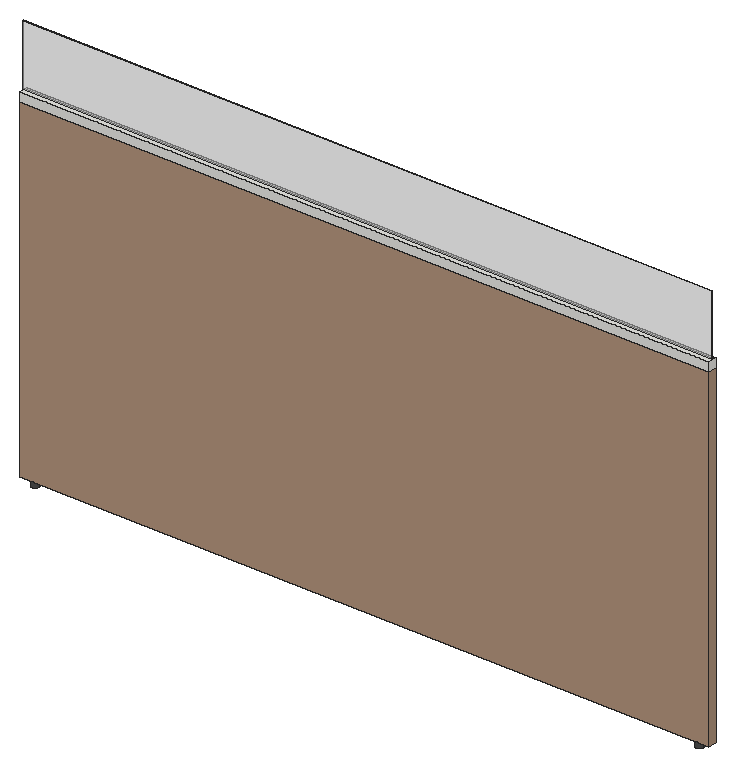
Revit family "Columns_&_Screens-Teknion-RPSLG_One_Inch_Floor_Screen_With_Glass_Lateral_Connection-R2019", category Furniture, Revit 2019
Family settings
  OmniClass Number = 23.40.20.00
  OmniClass Title = General Furniture and Specialties
  Work Plane-Based = No
  Always vertical = Yes
  Cut with Voids When Loaded = No
  Shared = Yes
  Room Calculation Point = No
Parameters (values of type "51" Height, Shared Configuration")
  Width [instance] = 85.000"
  Warranty = "http://www.teknion.com/ca/papers/legal-canada"
  Unit Weight URL = "http://www.teknion.com/ca/tools/assets#&asset=bee6a381-b954-425e-8283-5a2de3a804f2,f828d448-4b62-4231-9e5f-9a8991c0ed77"
  URL = "www.teknion.com"
  To render please download texture images found here [instance] = "https://assets.teknion.com/web/5e81352c1dfdb467/revit-material-swatches/"
  Sustainability Data = "https://www.teknion.com/ca/tools/assets#&topic=216f99a5-57a0-44fc-b10a-9dee9b29ae4c&asset=444deb64-fe58-4b68-981e-f75e97781df7,b4ff2d81-9f2e-437d-9659-7cffb09c31cf"
  Series = "Expansion Desking"  # constant formula
  Screen Finish [instance] = Source Laminate - Teknion - 3M - Provincial Oak
  Shared Configuration = yes
  Right Configuration = no
  Product Page URL = "https://www.teknion.com/ca/products/product-details?productLineId=ef4d336e-8e7a-673b-a6c8-ff00004460c4"
  Product Line = "Expansion Desking"  # constant formula
  Product Documentation Link = "https://www.teknion.com/pricing/expansion-desking/pdfs/RPSLG_ppg.pdf"
  Part Number = "RPSLG"  # constant formula
  Model = "RPSLG51____S"
  Manufacturer Phone = "416-661-3370"  # constant formula
  Manufacturer Fax = "416.661.4586"  # constant formula
  Manufacturer Contact Information = "http://www.teknion.com/ca/contactus"
  Manufacturer Address = "1150 Flint Road, Toronto, ON. M3J 2J5. Canada"  # constant formula
  Manufacturer = "Teknion"  # constant formula
  Left Configuration = no
  Insertion Point Offset [instance] = if(Left Configuration, if(or(Width = 20.000", Width = 24.000", Width = 30.000", Width = 36.000", Width = 40.000", Width = 42.000", Width = 48.000", Width = 54.000", Width = 57.000", Width = 60.000", Width = 63.000", Width = 66.000", Width = 69.000", Width = 72.000", Width = 78.000", Width = 84.000"), Width, Width - 1.000"), if(Right Configuration, if(or(Width = 20.000", Width = 24.000", Width = 30.000", Width = 36.000", Width = 40.000", Width = 42.000", Width = 48.000", Width = 54.000", Width = 57.000", Width = 60.000", Width = 63.000", Width = 66.000", Width = 69.000", Width = 72.000", Width = 78.000", Width = 84.000"), 0.000", 1.000"), if(or(Width = 20.000", Width = 24.000", Width = 30.000", Width = 36.000", Width = 40.000", Width = 42.000", Width = 48.000", Width = 54.000", Width = 57.000", Width = 60.000", Width = 63.000", Width = 66.000", Width = 69.000", Width = 72.000", Width = 78.000", Width = 84.000"), Width / 2, (Width / 2) - 0.500")))  # 42.000"
  How To Use Teknion Materials User Guide [instance] = "https://assets.teknion.com/m/205dd0a49fa58060/original/How-to-add-a-Material-Library-and-Texture-Images-to-your-Revit-project.pdf"
  Height = 50.831"
  Glass Height [instance] = 9.000"
  Glass Finish [instance] = Glass - Teknion - FT - Frosted Glass
  Frame Finish [instance] = Paint-Teknion-20-T-Foundation-Atrium White
  For Additional Finishes please visit [instance] = "https://assets.teknion.com/m/44a8009b046e5d47/original/Teknion_Materials_Library.zip"
  Extra Center Connection Node [instance] = and(Connection Node Visibility, Shared Configuration, or(Width = 21.000", Width = 25.000", Width = 31.000", Width = 37.000", Width = 41.000", Width = 43.000", Width = 49.000", Width = 55.000", Width = 58.000", Width = 61.000", Width = 64.000", Width = 67.000", Width = 70.000", Width = 73.000", Width = 79.000", Width = 85.000"))  # yes
  Description = "1\" Floor Screen with Glass Lateral Connection, 51\" Height, Shared Configuration"
  Connection Node Visibility [instance] = yes
  Available Widths [instance] = if(or(Left Configuration, Right Configuration), "20\", 21\", 24\", 25\", 30\", 31\", 36\", 37\", 42\", 43\", 48\", 49\", 54\", 55\", 57\", 58\", 60\", 61\", 63\", 64\", 66\", 67\", 69\", 70\", 72\", 73\", 78\", 79\", 84\", or 85\"", "40\", 41\", 48\", 49\", 60\", 61\", 66\", 67\", 72\", 73\", 78\", 79\", 84\", or 85\"")  # "40\", 41\", 48\", 49\", 60\", 61\", 66\", 67\", 72\", 73\", 78\", 79\", 84\", or 85\""
  Available Glass Height [instance] = if(Height = 42.000", "13\" Only", "9\" or 22\"")  # "9\" or 22\""
  Assembly Code = "E2020200"
  Actual Glass Height [instance] = if(Glass Height = 13.000", 13.000", if(Glass Height = 22.000", 21.831", 8.787"))  # 8.787"
Types (7): name | Shared Configuration | Right Configuration | Model | Left Configuration | Insertion Point Offset | Height | Glass Height | Extra Center Connection Node | Description | Available Widths | Available Glass Height | Actual Glass Height
  (no name) | yes | no | "RPSLG51____S" | no | 42.000" | 50.831" | 9.000" | yes | "1\" Floor Screen with Glass Lateral Connection, 51\" Height, Shared Configuration" | "40\", 41\", 48\", 49\", 60\", 61\", 66\", 67\", 72\", 73\", 78\", 79\", 84\", or 85\"" | "9\" or 22\"" | 8.787"
  42" Height, Left Configuration | no | no | "RPSLG42____L" | yes | 84.000" | 42.000" | 13.000" | no | "1\" Floor Screen with Glass Lateral Connection, 42\" Height, Left Configuration" | "20\", 21\", 24\", 25\", 30\", 31\", 36\", 37\", 42\", 43\", 48\", 49\", 54\", 55\", 57\", 58\", 60\", 61\", 63\", 64\", 66\", 67\", 69\", 70\", 72\", 73\", 78\", 79\", 84\", or 85\"" | "13\" Only" | 13.000"
  42" Height, Right Configuration | no | yes | "RPSLG42____R" | no | 1.000" | 42.000" | 13.000" | no | "1\" Floor Screen with Glass Lateral Connection, 42\" Height, Right Configuration" | "20\", 21\", 24\", 25\", 30\", 31\", 36\", 37\", 42\", 43\", 48\", 49\", 54\", 55\", 57\", 58\", 60\", 61\", 63\", 64\", 66\", 67\", 69\", 70\", 72\", 73\", 78\", 79\", 84\", or 85\"" | "13\" Only" | 13.000"
  42" Height, Shared Configuration | yes | no | "RPSLG42____S" | no | 42.000" | 42.000" | 13.000" | yes | "1\" Floor Screen with Glass Lateral Connection, 42\" Height, Shared Configuration" | "40\", 41\", 48\", 49\", 60\", 61\", 66\", 67\", 72\", 73\", 78\", 79\", 84\", or 85\"" | "13\" Only" | 13.000"
  51" Height, Left Configuration | no | no | "RPSLG51____L" | yes | 84.000" | 50.831" | 22.000" | no | "1\" Floor Screen with Glass Lateral Connection, 51\" Height, Left Configuration" | "20\", 21\", 24\", 25\", 30\", 31\", 36\", 37\", 42\", 43\", 48\", 49\", 54\", 55\", 57\", 58\", 60\", 61\", 63\", 64\", 66\", 67\", 69\", 70\", 72\", 73\", 78\", 79\", 84\", or 85\"" | "9\" or 22\"" | 21.831"
  51" Height, Right Configuration | no | yes | "RPSLG51____R" | no | 1.000" | 50.831" | 22.000" | no | "1\" Floor Screen with Glass Lateral Connection, 51\" Height, Right Configuration" | "20\", 21\", 24\", 25\", 30\", 31\", 36\", 37\", 42\", 43\", 48\", 49\", 54\", 55\", 57\", 58\", 60\", 61\", 63\", 64\", 66\", 67\", 69\", 70\", 72\", 73\", 78\", 79\", 84\", or 85\"" | "9\" or 22\"" | 21.831"
  51" Height, Shared Configuration | yes | no | "RPSLG51____S" | no | 42.000" | 50.831" | 9.000" | yes | "1\" Floor Screen with Glass Lateral Connection, 51\" Height, Shared Configuration" | "40\", 41\", 48\", 49\", 60\", 61\", 66\", 67\", 72\", 73\", 78\", 79\", 84\", or 85\"" | "9\" or 22\"" | 8.787"
Reference planes (in)
  plane 1 "Center Front/Back": y = 0
  plane 2: z = 0
  plane 3 "Center Left/Right": x = -44.5
  plane 4 "Left": x = -87
  plane 5 "Right": x = -2
  plane 6 "Back": y = 0.5
  plane 7 "Front": y = -0.5
  plane 8 "Top": z = 50.831
  plane 9: x = -45
  plane 10: z = 42.044
Forms (in)
  Sweep 1, solid, material "Source Laminate - Teknion - 3M - Provincial Oak" <- "Screen Finish"
    path origin (0, 0, 0) x (1, 0, 0) y (0, 0, 1)
      loop
        line (-44.5, 0.60236) -> (-44.5, 42.044)
    profile origin (-44.5, 0, 21.32318) x (-1, 0, 0) y (0, -1, 0)
      loop
        line (42.5, -0.5) -> (42.5, 0.5) -> (-42.5, 0.5) -> (-42.5, -0.5) -> (42.5, -0.5)
  Sweep 2, solid, material "Paint-Teknion-20-T-Foundation-Atrium White" <- "Frame Finish"
    path origin (0, 0, 0) x (1, 0, 0) y (0, 0, 1)
      loop
        line (-44.5, 42.044) -> (-44.5, 43.23298)
    profile origin (-44.5, 0, 42.63849) x (-1, 0, 0) y (0, -1, 0)
      loop
        line (42.5, -0.5) -> (42.5, 0.5) -> (-42.5, 0.5) -> (-42.5, -0.5) -> (42.5, -0.5)
  Sweep 3, solid, material "Glass - Teknion - FT - Frosted Glass" <- "Glass Finish"
    path origin (0, 0, 0) x (1, 0, 0) y (0, 0, 1)
      loop
        line (-44.5, 43.23298) -> (-44.5, 50.831)
    profile origin (-44.5, 0, 47.03199) x (-1, 0, 0) y (0, -1, 0)
      loop
        line (42.5, -0.11811) -> (42.5, 0.11811) -> (-42.5, 0.11811) -> (-42.5, -0.11811) -> (42.5, -0.11811)
  Sweep 4, solid, material "Plastic - Teknion - E - Ebony"
    path origin (0, 0, 0) x (1, 0, 0) y (0, 0, 1)
      loop
        line (-44.5, 0) -> (-44.5, 0.60236)
    profile origin (-44.5, 0, 0.30118) x (-1, 0, 0) y (0, -1, 0)
      loop
        circle (41, 0) r 0.5
      loop
        circle (-41, 0) r 0.5
Lines and regions (in)
  Masking region 1
    outline origin (0, 0, 0) x (1, 0, 0) y (0, 1, 0)
      loop
        line (-2, 0.11811) -> (-87, 0.11811) -> (-87, -0.11811) -> (-2, -0.11811) -> (-2, 0.11811)
  Masking region 2
    outline origin (0, 0, 0) x (1, 0, 0) y (0, 1, 0)
      loop
        line (-87, 0.5) -> (-87, 0.11811) -> (-2, 0.11811) -> (-2, 0.5) -> (-87, 0.5)
  Masking region 3
    outline origin (0, 0, 0) x (1, 0, 0) y (0, 1, 0)
      loop
        line (-87, -0.11811) -> (-87, -0.5) -> (-2, -0.5) -> (-2, -0.11811) -> (-87, -0.11811)
  symbolic lines, style "FurnitureHiddenLines", detail levels fine
    curve 1: arc (-86, 0, 0) -> (-85.5, -0.5, 0) -> (-85, 0, 0) r 0.5
    curve 2: arc (-85, 0, 0) -> (-85.5, 0.5, 0) -> (-86, 0, 0) r 0.5
    curve 3: arc (-4, 0, 0) -> (-3.5, -0.5, 0) -> (-3, 0, 0) r 0.5
    curve 4: arc (-3, 0, 0) -> (-3.5, 0.5, 0) -> (-4, 0, 0) r 0.5
Dimensions and locks (in)
  "Width": plane 4 "Left" to plane 5 "Right"
  locked: plane 6 "Back" to plane 7 "Front" at 1
  "Height": plane 8 "Top" to level
  equal spacing: plane 6 "Back", plane 1 "Center Front/Back", plane 7 "Front"
  equal spacing: plane 4 "Left", plane 3 "Center Left/Right", plane 5 "Right"
  "Insertion Point Offset": plane 4 "Left" to plane 9
  "Actual Glass Height": plane 8 "Top" to plane 10
  locked: plane 10 to Sweep 1 sketch curve at 0
  locked: Sweep 1 sketch curve to level at 0.60236
  Sweep 2 sketch curve to plane 10 to Sweep 2 sketch curve = 1.18898" locked, 0.000" locked
  locked: plane 8 "Top" to Sweep 3 sketch curve at 0
  locked: Sweep 3 sketch curve to plane 10 at 1.18898
  Sweep 3 sketch curve to plane 1 "Center Front/Back" to Sweep 3 sketch curve = 0.11811" locked, 0.11811" locked
  Sweep 4 sketch curve to level to Sweep 4 sketch curve = 0.60236" locked, 0.000" locked
  locked: plane 1 "Center Front/Back" to Sweep 4 sketch curve at 0  (x2)
  locked: plane 4 "Left" to Sweep 4 sketch curve at 1.5
  locked: Sweep 4 sketch curve to plane 5 "Right" at 1.5
  locked: plane 9 to nested 2 at 1
  aligned and locked: level to plane 2
  aligned and locked: plane 3 "Center Left/Right" to Sweep 1 sketch curve
  aligned and locked: Sweep 1 sketch curve to plane 6 "Back"
  aligned and locked: Sweep 1 sketch curve to plane 4 "Left"
  aligned and locked: Sweep 1 sketch curve to plane 7 "Front"
  aligned and locked: Sweep 1 sketch curve to plane 5 "Right"
  aligned and locked: plane 3 "Center Left/Right" to Sweep 2 sketch curve
  aligned and locked: Sweep 2 sketch curve to Sweep 1  (x3)
  aligned and locked: Sweep 2 sketch curve to plane 4 "Left"
  aligned and locked: plane 3 "Center Left/Right" to Sweep 3 sketch curve
  aligned and locked: plane 5 "Right" to Sweep 3 sketch curve
  aligned and locked: plane 4 "Left" to Sweep 3 sketch curve
  aligned and locked: plane 3 "Center Left/Right" to Sweep 4 sketch curve
  aligned and locked: Masking region 1 sketch curve to Sweep 3  (x4)
  aligned and locked: Masking region 2 sketch curve to Sweep 1
  aligned and locked: plane 4 "Left" to Masking region 2 sketch curve
  aligned and locked: Masking region 2 sketch curve to Sweep 3  (x2)
  aligned and locked: Masking region 3 sketch curve to Sweep 3  (x2)
  aligned and locked: Masking region 3 sketch curve to Sweep 1
  aligned and locked: plane 5 "Right" to Masking region 3 sketch curve
  aligned and locked: curve 1 to Sweep 4
  aligned and locked: curve 2 to Sweep 4
  aligned and locked: curve 3 to Sweep 4
  aligned and locked: curve 4 to Sweep 4
  aligned and locked: plane 7 "Front" to nested 1
  aligned and locked: nested 1 to plane 9
  aligned and locked: plane 7 "Front" to nested 2
Automatic sketch dimensions
  radius of Sweep 4 sketch curve = 0.500"  (x2)
Nested families (in)
  nested 1: "Teknion_2D_Node_Family-R2016" at (-45, -0.5, 0), type "Teknion_2D_Node_Family-R2016"
  nested 2: "Teknion_2D_Node_Family-R2016" at (-44, -0.5, 0), visible <- "Extra Center Connection Node", type "Teknion_2D_Node_Family-R2016"
Definition of nested family "Teknion_2D_Node_Family-R2016"
  Reference planes (in)
    plane 1 "Center (Front/Back)": y = 0
    plane 2: z = 0
    plane 3 "Center (Left/Right)": x = 0
  Lines and regions (in)
    detail lines, in view "Ref. Level"
      curve 1: circle (0, 0, 0) r 1.25 normal (0, 0, 1)
      curve 2: line (1.91508, -1.91508, 0) -> (-1.91508, 1.91508, 0)
      curve 3: line (-1.91508, -1.91508, 0) -> (1.91508, 1.91508, 0)
